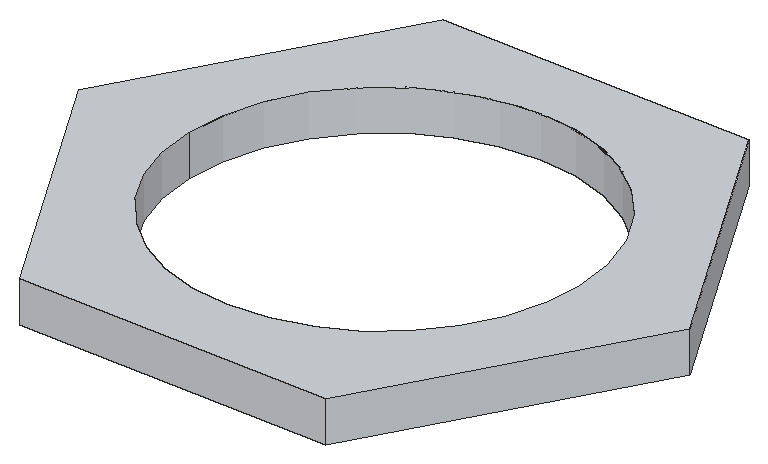
Revit family "LN4B", category Generic Models, Revit 2017
Family settings
  Can host rebar = No
  Round Connector Dimension = Use Diameter
  Part Type = Normal
  Work Plane-Based = Yes
  Always vertical = No
  Cut with Voids When Loaded = No
  Shared = No
  Room Calculation Point = No
Parameters (values of type "NBS Standard Parameters")
  Weight = "0.0344Kg"
  WarrantyStartDate [instance] = "1900-12-31T23:59:59"
  WarrantyGuarantorParts = "n/a"
  WarrantyGuarantorLabor = "n/a"
  WarrantyDurationUnit = "1 year"
  WarrantyDurationParts = "n/a"
  WarrantyDurationLabor = "n/a"
  WarrantyDescription = "n/a"
  Version = "1"
  Uniclass2 = "Pr_65_70_11_20"
  TagNumber [instance] = "n/a"
  SustainabilityPerformance = "1.5\""
  Size = "Hexagon"
  Shape = "n/a"
  SerialNumber [instance] = "n/a"
  Revision = "n/a"
  ReplacementCost = "n/a"
  ProductInformation = "www.metpro.co.uk/pdf/LN4G.pdf"
  NominalWidth = 50 mm
  NominalLength = 50 mm
  NominalHeight = 3.9 mm
  Name = ""
  NBSTypeID = ""
  NBSReference = "90-55-10/460"
  NBSOfficeMasterTag = ""
  NBSNote = ""
  NBSDescription = "Conduit Fittings"
  NBSCertification = ""
  ModelReference = "LN4B"
  ModelNumber = "n/a"
  Material = "Steel"
  ManufacturerURL = "www.metpro.co.uk"
  ManufacturerName = "Metpro Ltd"
  Keynote = "Compliant to LU Standard 1-085"
  InstallationDate [instance] = "1900-12-31T23:59:59"
  IfcExportType = ""
  IfcExportAs = ""
  Grade = "n/a"
  Finish = "Black"
  Features = "n/a"
  ExpectedLife = "n/a"
  DurationUnit = "year"
  Description = "LN4B  1.5\" Lock Nut  - Light Pattern"
  Default Elevation = 1219.2 mm
  Constituents = "n/a"
  Color = "n/a"
  CodePerformance = "n/a"
  Category = "n/a"
  BarCode [instance] = "n/a"
  BIMObjectName = "Metpro_Metprolibrary_Conduitfittings_Metalcomponents_Steelaccessories"
  Author = "Metpro Ltd"
  AssetType = ""
  AssetIdentifier [instance] = "n/a"
  AccessibilityPerformance = "n/a"
Reference planes
  plane 1 "Center (Front/Back)": y = 0
  plane 2: z = 0
  plane 3 "Center (Left/Right)": x = 0
Forms (mm)
  Extrusion 1, solid
    sketch origin (0, 0, 0) x (1, 0, 0) y (0, 1, 0)
      loop
        circle (10.04, 13.158) r 18.5
      loop
        line (-4.394, 38.158) -> (-18.828, 13.158) -> (-4.394, -11.842) -> (24.473, -11.842) -> (38.907, 13.158) -> (24.473, 38.158) -> (-4.394, 38.158)
    from 0 to 3.9
Dimensions and locks
  aligned and locked: level to plane 2
